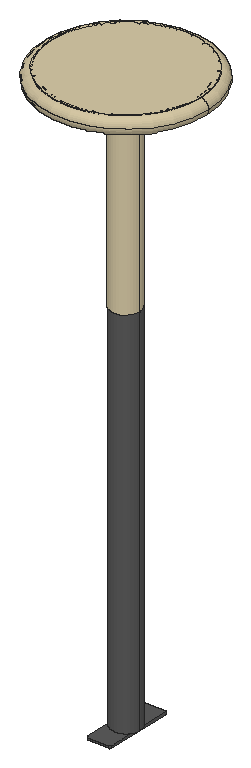
Revit family "1407-F", category Meble, Revit 2021
Family settings
  Numer OmniClass = 23.40.20.00
  Tytuł OmniClass = General Furniture and Specialties
  Oparty na płaszczyźnie roboczej = Nie
  Zawsze pionowo = Tak
  Tnij formami wycięć po wczytaniu = Nie
  Współdzielony = Nie
  Punkt obliczania pomieszczeń = Nie
Parameters (values of type "1407-F")
  metal = Mobilis Design RAL 1000
  Width = "35 cm"
  Weight = "10 kg"
  URL = ""
  Product Line = "Phoenix"
  Product Groups = ""
  Manufacturer = ""
  Keynote = ""
  Description = ""
  Model = "1407-F"
  Material = ""
  Maintenance = ""
  Lenght = "35 cm"
  Type Comments = ""
  Mobilis Design Materials = ""
  Hosted on = ""
  Height = "45 cm"
  Domyślna rzędna = 0 mm
  Copyright = "All designs and drawings are the common intellectual property of Lars Laj A/S and Tress and are protected by Danish and international copyright laws."
Reference planes
  plane 1: z = 0
  plane 2 "Środek (Lewa/Prawa)": x = 0
  plane 3 "Środek": y = 257.204
Forms (mm)
  Extrusion 1, solid, material "Mobilis Design RAL 1000" <- "metal", not visible
    sketch origin (0, 0, 0) x (0, 1, 0) y (0, 0, 1)
      loop
        arc (71.187, 451.5) -> (57.045, 445.642) -> (51.187, 431.5) r 20
        line (51.187, 431.5) -> (51.187, 18.231)
        arc (51.187, 18.231) -> (56.527, 5.34) -> (69.418, 0) r 18.231
        line (69.418, 0) -> (153.638, 0) -> (153.638, 15) -> (448.638, 15) -> (448.638, 0) -> (527.023, 0)
        arc (527.023, 0) -> (542.307, 6.331) -> (548.638, 21.615) r 21.615
        line (548.638, 21.615) -> (548.638, 429.407)
        arc (548.638, 429.407) -> (542.168, 445.029) -> (526.545, 451.5) r 22.093
        line (526.545, 451.5) -> (71.187, 451.5)
    from 750.378 to 745
  Extrusion 2, solid, material "Mobilis Design RAL 1000" <- "metal", not visible
    sketch origin (0, 0, 0) x (0, 1, 0) y (0, 0, 1)
      loop
        line (548.638, 396.844) -> (629.375, 854.725) -> (601.836, 859.581)
        arc (601.836, 859.581) -> (585.224, 855.898) -> (576.082, 841.547) r 22.232
        line (576.082, 841.547) -> (507.306, 451.5) -> (526.545, 451.5)
        arc (526.545, 451.5) -> (542.168, 445.029) -> (548.638, 429.407) r 22.093
        line (548.638, 429.407) -> (548.638, 396.844)
    from 745 to 750.378
  Extrusion 3, solid, material "Mobilis Design RAL 1000" <- "metal"
    sketch origin (396.607, -18.452, 868.765) x (0, -1, 0) y (1, 0, 0)
      loop
        circle (-275.327, -399.004) r 30.15
      loop
        circle (-275.327, -399.004) r 28.15
    from -452.515 to -868.765
  Extrusion 4, solid, material "Painted Black"
    sketch origin (695.879, -21.874, 0) x (1, 0, 0) y (0, 1, 0)
      loop
        line (-722.97, 354.396) -> (-722.97, 210.396)
        arc (-722.97, 210.396) -> (-722.091, 208.274) -> (-719.97, 207.396) r 3
        line (-719.97, 207.396) -> (-675.97, 207.396)
        arc (-675.97, 207.396) -> (-673.849, 208.274) -> (-672.97, 210.396) r 3
        line (-672.97, 210.396) -> (-672.97, 354.396)
        arc (-672.97, 354.396) -> (-673.849, 356.517) -> (-675.97, 357.396) r 3
        line (-675.97, 357.396) -> (-719.97, 357.396)
        arc (-719.97, 357.396) -> (-722.091, 356.517) -> (-722.97, 354.396) r 3
    from -800 to -795
  Extrusion 5, solid, material "Painted Black"
    sketch origin (396.607, -17.202, 868.765) x (1, 0, 0) y (0, 1, 0)
      loop
        circle (-399.004, 275.327) r 30.15
      loop
        circle (-399.004, 275.327) r 28.15
    from -868.765 to -1663.765
  Extrusion 6, solid, material "Mobilis Design RAL 1000" <- "metal"
    sketch origin (581.466, 257.204, -0.938) x (-1, 0, 0) y (0, 0, 1)
      loop
        line (608.966, 447.188) -> (558.966, 447.188) -> (558.966, 417.188) -> (608.966, 417.188) -> (608.966, 447.188)
      loop
        line (606.966, 445.188) -> (560.966, 445.188) -> (560.966, 419.188) -> (606.966, 419.188) -> (606.966, 445.188)
    from -140.803 to 141.797
  Extrusion 7, solid, material "Kobenhagen RAL 5012", not visible
    sketch origin (-110.268, -19.702, 0) x (0, -1, 0) y (1, 0, 0)
      loop
        circle (-275.327, -399.004) r 30.15
      loop
        circle (-275.327, -399.004) r 28.15
    from 444.1 to 0
  Extrusion 8, solid, material "Kobenhagen RAL 5012", not visible
    sketch origin (239.004, -16.847, 0) x (1, 0, 0) y (0, 1, 0)
      loop
        line (-699.004, 325.327) -> (-799.004, 325.327) -> (-799.004, 225.327) -> (-699.004, 225.327) -> (-699.004, 325.327)
    from 447.05 to 443.488
  Extrusion 9, solid, material "Painted Black", not visible
    sketch origin (189.004, -23.124, 0) x (1, 0, 0) y (0, 1, 0)
      loop
        line (-722.97, 354.396) -> (-722.97, 210.396)
        arc (-722.97, 210.396) -> (-722.091, 208.274) -> (-719.97, 207.396) r 3
        line (-719.97, 207.396) -> (-675.97, 207.396)
        arc (-675.97, 207.396) -> (-673.849, 208.274) -> (-672.97, 210.396) r 3
        line (-672.97, 210.396) -> (-672.97, 354.396)
        arc (-672.97, 354.396) -> (-673.849, 356.517) -> (-675.97, 357.396) r 3
        line (-675.97, 357.396) -> (-719.97, 357.396)
        arc (-719.97, 357.396) -> (-722.091, 356.517) -> (-722.97, 354.396) r 3
    from -800 to -795
  Extrusion 10, solid, material "Painted Black", not visible
    sketch origin (-110.268, -18.452, 0) x (1, 0, 0) y (0, 1, 0)
      loop
        circle (-399.004, 275.327) r 30.15
      loop
        circle (-399.004, 275.327) r 28.15
    from 0 to -795
  Extrusion 11, solid, material "Mobilis Design RAL 1000" <- "metal"
    sketch origin (-5.756, 840.413, -0.938) x (0, -1, 0) y (0, 0, 1)
      loop
        line (608.966, 447.188) -> (558.966, 447.188) -> (558.966, 417.188) -> (608.966, 417.188) -> (608.966, 447.188)
      loop
        line (606.966, 445.188) -> (560.966, 445.188) -> (560.966, 419.188) -> (606.966, 419.188) -> (606.966, 445.188)
    from 21.334 to 137.577
  Extrusion 12, solid, material "Mobilis Design RAL 1000" <- "metal"
    sketch origin (5.756, 841.663, -0.938) x (0, -1, 0) y (0, 0, -1)
      loop
        line (608.966, -447.188) -> (608.966, -417.188) -> (558.966, -417.188) -> (558.966, -447.188) -> (608.966, -447.188)
      loop
        line (606.966, -445.188) -> (606.966, -419.188) -> (560.966, -419.188) -> (560.966, -445.188) -> (606.966, -445.188)
    from 14.744 to 133.51
  Extrusion 13, solid, material "Mobilis Design RAL 1000" <- "metal"
    sketch origin (0, 0, -200) x (1, 0, 0) y (0, 1, 0)
      loop
        circle (-2.033, 257.7) r 158.15
    from 647 to 650
  Sweep 14, solid, material "Mobilis Design RAL 1000" <- "metal"
    path origin (0, 0, 0) x (1, 0, 0) y (0, 1, 0)
      loop
        circle (-2.033, 257.7) r 158.15
    profile origin (-2.033, 99.55, 0) x (0, 1, 0) y (0, 0, 1)
      loop
        circle (0, 433.096) r 16.868
      loop
        circle (0.117, 433.18) r 15.694
Dimensions and locks
  aligned and locked: level to plane 1
